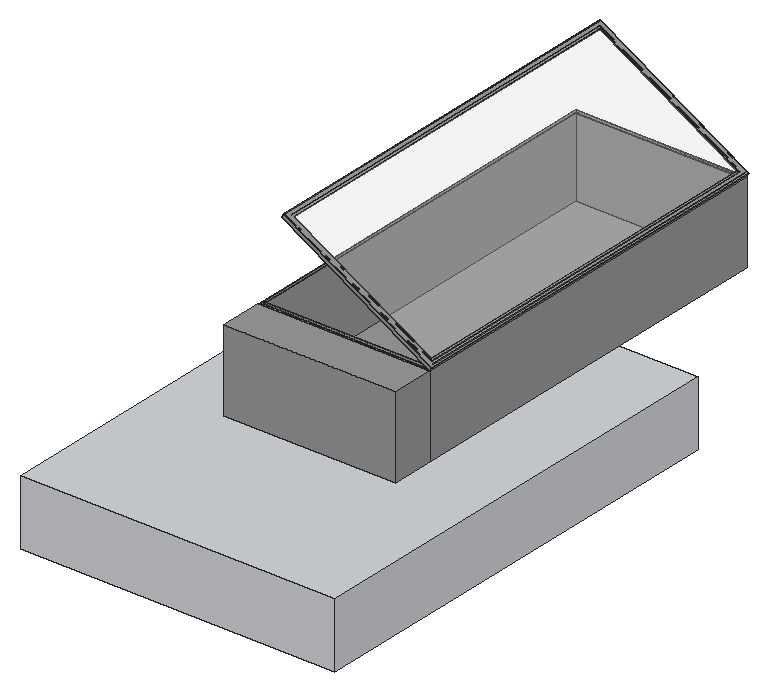
Revit family "Hager-Univers-IP55-D400-H2050-Cl.I-Steel_encl-CH-de", category Equipement électrique, Revit 2020
Family settings
  Hôte = Face
  Configuration du panneau = Deux colonnes, circuits au sein
  Cote de connecteur circulaire = Utiliser le diamètre
  Type d'élément = Tableau de raccordement
  Couper avec des vides une fois chargée = Non
  Partagée = Non
  Point de calcul de pièce = Non
Parameters (values of type "Bodenaufstellung IP55 B800 H2050 T400  - FR23V2")
  Width Control [instance] = if([EF000008 - Breite] > Min Width, [EF000008 - Breite], Min Width)  # 800 mm
  Commentaires du type = [HG000003 - Bereich]  # "Univers"
  Thickness Door [instance] = if([EF009171 - Materialstärke Tür/Deckel] > 3 mm, 3 mm, [EF009171 - Materialstärke Tür/Deckel])  # 1.5 mm
  Seal Frame Offset [instance] = 17 mm  # constant formula
  Plinth Visibility [instance] = [HG000027 - Sockelhöhe] > 0 mm  # yes
  Model = ""
  Min Width [instance] = 100 mm  # constant formula
  Min Height [instance] = 100 mm  # constant formula
  Min Depth [instance] = (2 * [EF009170 - Materialstärke Gehäuse]) + 1 mm  # 4 mm
  Internal Frame Depth [instance] = (Door System Depth * 0.5)  # 9 mm
  Height Control [instance] = if([EF000040 - Höhe] > Min Height, [EF000040 - Höhe], Min Height)  # 2050 mm
  HG000027 - Sockelhöhe = 200 mm
  HG000026 - Stehend auf dem Boden = yes
  HG000024 - Höhe des unteren Teils = 800 mm
  HG000023 - Gehäuse mit doppeltem Querschnitt = no
  HG000016 - 3D-Türsichtbarkeit [instance] = yes
  HG000015 - Sichtbarkeit der Türöffnung [instance] = no
  HG000014 - Tür rechts [instance] = yes
  HG000013 - Tür links [instance] = not([HG000014 - Tür rechts])  # no
  HG000012 - Türschwenkwinkel [instance] = 30.00°
  HG000010 - Asymmetrische Türen = no
  HG000009 - Doppelflügeligen Tür = no
  HG000006 - Unterputz = no
  HG000004 - Herstellerreferenz = "FR23V2"
  HG000003 - Bereich = "Univers"
  HG000002 - Mit tür = yes
  Frame Offset Bottom [instance] = 10 mm  # constant formula
  Frame Offset [instance] = 15 mm  # constant formula
  EF015940 - Deckel mit Überdruckentlastung = no
  EF011959 - Schutzart (NEMA) = ""
  EF009554 - Anzahl der Öffnungen für Flanschplatten = 6
  Fabricant = "Hager"  # constant formula
  EF009212 - Ausführung Deckel = "EV000116 - geschlossen"
  EF009171 - Materialstärke Tür/Deckel = 1.5 mm
  EF009170 - Materialstärke Gehäuse = 1.5 mm
  EF008873 - Nennstrom (In) = 800 A
  EF007800 - Geeignet für Blitzschutz = no
  EF006306 - Mit Schloss = no
  EF006244 - Transparenter Deckel/Tür = yes
  EF005474 - Schutzart (IP) = "EV006420 - IP55"
  EF004464 - Art der Tür = "EV002646 - Einzel"
  EF004427 - Anzahl der Module = 432
  EF004293 - Schlagfestigkeit = "EV008784 - IK10"
  EF003532 - Geeignet für Außengebrauch = no
  EF002950 - Breite in Teilungseinheiten = 24
  EF001613 - Funktionserhalt = "EV000494 - ohne"
  EF001596 - Werkstoff des Gehäuses = "EV000179 - Stahl"
  EF001131 - Innentiefe = 400 mm
  EF001088 - Anbaumöglichkeit = yes
  EF000437 - Anzahl der Leitungseinführungen = 6
  EF000339 - Art der Abdeckung = "EV004216 - Tür"
  EF000266 - Anzahl der Reihen = 12
  EF000218 - Einbautiefe = 0 mm
  EF000118 - Mit Montageplatte = no
  EF000116 - RAL-Nummer = "7035"
  EF000049 - Tiefe = 400 mm
  EF000040 - Höhe = 2050 mm
  EF000008 - Breite = 800 mm
  EF000007 - Farbe = "EV000270 - grau"
  EF000003 - Montageart = "EV012274 - Bodenaufstellung"
  Door System Leaf Tolerance [instance] = 1.5 mm  # constant formula
  Door System Depth [instance] = 18 mm  # constant formula
  Door Height [instance] = Height Control - [HG000027 - Sockelhöhe]  # 1850 mm
  Depth Control [instance] = if([EF000049 - Tiefe] > Min Depth, [EF000049 - Tiefe], Min Depth)  # 400 mm
  Default Elevation = 0 mm
  Connector Offset [instance] = Height Control / 2  # 1025 mm
  Bottom Top Plate Trim [instance] = 1.5 mm  # constant formula
  Plinth height Ctrl [instance] = if([HG000027 - Sockelhöhe] > 0 mm, [HG000027 - Sockelhöhe], 12 mm)  # 200 mm
Types (11, lengths in mm): name | Width Control | HG000010 - Asymmetrische Türen | HG000009 - Doppelflügeligen Tür | HG000004 - Herstellerreferenz | EF009554 - Anzahl der Öffnungen für Flanschplatten | EF006244 - Transparenter Deckel/Tür | EF004464 - Art der Tür | EF004427 - Anzahl der Module | EF000437 - Anzahl der Leitungseinführungen | EF000008 - Breite
  Bodenaufstellung IP55 B1050 H2050 T400  - FR24G2 | 1050 | yes | yes | "FR24G2" | 8 | no | "EV003602 - Doppel" | 576 | 8 | 1050
  Bodenaufstellung IP55 B1050 H2050 T400  - FR24V2 | 1050 | yes | yes | "FR24V2" | 8 | yes | "EV003602 - Doppel" | 576 | 8 | 1050
  Bodenaufstellung IP55 B1300 H2050 T400  - FR25G2 | 1300 | yes | yes | "FR25G2" | 10 | no | "EV003602 - Doppel" | 720 | 10 | 1300
  Bodenaufstellung IP55 B1300 H2050 T400  - FR25V2 | 1300 | yes | yes | "FR25V2" | 10 | yes | "EV003602 - Doppel" | 720 | 10 | 1300
  Bodenaufstellung IP55 B1550 H2050 T400  - FR26G2 | 1550 | yes | yes | "FR26G2" | 12 | no | "EV003602 - Doppel" | 864 | 12 | 1550
  Bodenaufstellung IP55 B1550 H2050 T400  - FR26V2 | 1550 | yes | yes | "FR26V2" | 12 | yes | "EV003602 - Doppel" | 864 | 12 | 1550
  Bodenaufstellung IP55 B300 H2050 T400  - FR21G2 | 300 | no | no | "FR21G2" | 2 | no | "EV002646 - Einzel" | 144 | 2 | 300
  Bodenaufstellung IP55 B550 H2050 T400  - FR22G2 | 550 | no | no | "FR22G2" | 4 | no | "EV002646 - Einzel" | 288 | 4 | 550
  Bodenaufstellung IP55 B550 H2050 T400  - FR22V2 | 550 | no | no | "FR22V2" | 4 | yes | "EV002646 - Einzel" | 288 | 4 | 550
  Bodenaufstellung IP55 B800 H2050 T400  - FR23G2 | 800 | no | no | "FR23G2" | 6 | no | "EV002646 - Einzel" | 432 | 6 | 800
  Bodenaufstellung IP55 B800 H2050 T400  - FR23V2 | 800 | no | no | "FR23V2" | 6 | yes | "EV002646 - Einzel" | 432 | 6 | 800
Reference planes
  plane 1 "Center (Front/Back)": y = 0
  plane 2: z = 0
  plane 3 "Center (Left/Right)": x = 0
  plane 4: z = 400
  plane 5: y = 201.5
  plane 6: y = 1125
  plane 7: y = 200
  plane 8: y = 2050
  plane 9: z = 0
  plane 10: x = -385
  plane 11: x = 385
  plane 12: x = 383.5
  plane 13: x = -383.5
  plane 14: y = 2048.5
  plane 15: x = -383
  plane 16: x = -400
  plane 17: x = 383
  plane 18: x = 400
  plane 19: x = 398.5
  plane 20: x = -398.5
  plane 21: y = 211.5
  plane 22: y = 2050
  plane 23: y = 2033.5
  plane 24: z = 382
  plane 25: z = 1.5
  plane 26: z = 380.5
  plane 27: z = 398.5
Forms (mm)
  Extrusion 1, solid
    sketch origin (0, 0, 0) x (1, 0, 0) y (0, 1, 0)
      loop
        line (-702.964, 1305) -> (-702.964, -811.445) -> (766.763, -811.445) -> (766.763, 1305) -> (-702.964, 1305)
    from 0 to -304.8
  Extrusion 2, solid, material "Hager_Steel_RAL7035_Light_Grey", visible <- "Plinth Visibility", detail levels medium+fine
    sketch origin (0, 0, 0) x (1, 0, 0) y (0, 1, 0)
      loop
        line (-400, 0) -> (400, 0) -> (400, 200) -> (-400, 200) -> (-400, 0)
    from 0 to 382
  Extrusion 3, solid, material "Hager_Steel_RAL7035_Light_Grey", detail levels medium+fine
    sketch origin (0, 0, 0) x (1, 0, 0) y (0, 1, 0)
      loop
        line (-400, 200) -> (400, 200) -> (400, 2050) -> (-400, 2050) -> (-400, 200)
    from 0 to 382
  Extrusion 4, void
    sketch origin (0, 0, 0) x (1, 0, 0) y (0, 1, 0)
      loop
        line (-398.5, 201.5) -> (398.5, 201.5) -> (398.5, 2048.5) -> (-398.5, 2048.5) -> (-398.5, 201.5)
    from 1.5 to 380.5
  Extrusion 5, void
    sketch origin (-381.607, -4572, 382) x (0, -1, 0) y (-1, 0, 0)
      loop
        line (-4783.5, 1.893) -> (-6605.5, 1.893) -> (-6605.5, -765.107) -> (-4783.5, -765.107) -> (-4783.5, 1.893)
    from 0 to 1.5 <- "EF009170 - Materialstärke Gehäuse"
  Extrusion 6, solid, material "Hager_Steel_RAL7035_Light_Grey", detail levels fine
    sketch origin (0, 0, 382) x (1, 0, 0) y (0, 1, 0)
      loop
        line (-383.5, 2033.5) -> (-383.5, 211.5) -> (383.5, 211.5) -> (383.5, 2033.5) -> (-383.5, 2033.5)
      loop
        line (-385, 210) -> (385, 210) -> (385, 2035) -> (-385, 2035) -> (-385, 210)
    from 0 to 9 <- "Internal Frame Depth"
  Extrusion 7, solid, material "Hager_Steel_RAL7035_Light_Grey", detail levels coarse
    sketch origin (0, 0, 0) x (1, 0, 0) y (0, 1, 0)
      loop
        line (-400, 0) -> (400, 0) -> (400, 2050) -> (-400, 2050) -> (-400, 0)
    from 0 to 400
  Sweep 8, void
    path in 3D
      loop
        line (-400, 200, 0) -> (400, 200, 0) -> (400, 200, 382) -> (-400, 200, 382) -> (-400, 200, 0)
    profile origin (-400, 200, 191) x (-1, 0, 0) y (0, -1, 0)
      loop
        line (0, 0) -> (0, 1.5) -> (-1.5, 1.5)
        arc (-1.5, 1.5) -> (-1.061, 0.439) -> (0, 0) r 1.5
Cuts and joins
  Extrusion 4, Extrusion 5 cuts Extrusion 3
  Sweep 8 cuts Extrusion 2
Lines and regions (mm)
  Masking region 1
    outline origin (0, 0, 0) x (1, 0, 0) y (0, 0, 1)
      loop
        line (-400, 400) -> (-400, 0) -> (400, 0) -> (400, 400) -> (-400, 400)
  Masking region 2, detail levels medium+fine
    outline origin (0, 140, 0) x (0, 1, 0) y (0, 0, 1)
      loop
        line (60, 0) -> (1910, 0) -> (1910, 382) -> (60, 382) -> (60, 0)
  Masking region 3, not visible, detail levels medium+fine
    outline origin (0, 297.922, 0) x (0, 1, 0) y (0, 0, 1)
      loop
        line (838.578, 0) -> (878.578, 0) -> (878.578, 388.5)
        arc (878.578, 388.5) -> (875.649, 395.571) -> (868.578, 398.5) r 10
        line (868.578, 398.5) -> (838.578, 398.5) -> (838.578, 0)
  Masking region 4, detail levels coarse
    outline origin (0, 0, 180) x (0, 1, 0) y (0, 0, 1)
      loop
        line (0, -180) -> (2050, -180) -> (2050, 220) -> (0, 220) -> (0, -180)
  Masking region 5, visible <- "Plinth Visibility", detail levels medium+fine
    outline origin (0, 52.24, 12.345) x (0, 0, -1) y (0, 1, 0)
      loop
        line (10.845, 147.76) -> (-368.155, 147.76)
        arc (-368.155, 147.76) -> (-368.594, 146.699) -> (-369.655, 146.26) r 1.5
        line (-369.655, 146.26) -> (-369.655, -52.24) -> (12.345, -52.24) -> (12.345, 146.26)
        arc (12.345, 146.26) -> (11.285, 146.699) -> (10.845, 147.76) r 1.5
  Masking region 6, detail levels medium+fine
    outline origin (-381.607, -4572, 382) x (-1, 0, 0) y (0, -1, 0)
      loop
        line (18.393, -6622) -> (18.393, -4772) -> (-781.607, -4772) -> (-781.607, -6622) -> (18.393, -6622)
  Masking region 7, visible <- "Plinth Visibility", detail levels medium+fine
    outline origin (-381.607, -4727, 382) x (-1, 0, 0) y (0, -1, 0)
      loop
        arc (16.893, -4927) -> (17.332, -4925.939) -> (18.393, -4925.5) r 1.5
        line (18.393, -4925.5) -> (18.393, -4727) -> (-781.607, -4727) -> (-781.607, -4925.5)
        arc (-781.607, -4925.5) -> (-780.546, -4925.939) -> (-780.107, -4927) r 1.5
        line (-780.107, -4927) -> (16.893, -4927)
  Masking region 8, detail levels coarse
    outline origin (-442.548, -4669.526, 382) x (-1, 0, 0) y (0, -1, 0)
      loop
        line (-42.548, -6719.526) -> (-42.548, -4669.526) -> (-842.548, -4669.526) -> (-842.548, -6719.526) -> (-42.548, -6719.526)
  sketch lines
    curve 1: line (-400, 200, 382) -> (-400, 200, 0)
    curve 2: line (400, 200, 382) -> (-400, 200, 382)
    curve 3: line (400, 200, 382) -> (400, 200, 0)
    curve 4: line (-400, 200, 0) -> (400, 200, 0)
Dimensions and locks
  "Depth Control": plane 4 to Extrusion 1
  "HG000027 - Sockelhöhe": plane 1 "Center (Front/Back)" to plane 7
  "EF009170 - Materialstärke Gehäuse": plane 5 to plane 7
  locked: connector elem to plane 3 "Center (Left/Right)"
  equal spacing: plane 8, plane 6, plane 7
  locked: connector elem to plane 6
  "EF009170 - Materialstärke Gehäuse": plane 8 to plane 14
  "EF009170 - Materialstärke Gehäuse": plane 10 to plane 13
  "EF009170 - Materialstärke Gehäuse": plane 12 to plane 11
  "Frame Offset": plane 20 to plane 13
  "Frame Offset": plane 12 to plane 19
  "EF009170 - Materialstärke Gehäuse": plane 16 to plane 20
  "EF009170 - Materialstärke Gehäuse": plane 19 to plane 18
  "Seal Frame Offset": plane 16 to plane 15
  "Seal Frame Offset": plane 17 to plane 18
  "Frame Offset Bottom": plane 21 to plane 5
  "Frame Offset": plane 14 to plane 23
  equal spacing: plane 16, plane 3 "Center (Left/Right)", plane 18
  "Width Control": plane 16 to plane 18
  "EF009170 - Materialstärke Gehäuse": plane 4 to plane 27
  "EF009170 - Materialstärke Gehäuse": plane 24 to plane 26
  "EF009170 - Materialstärke Gehäuse": plane 25 to level
  "Door System Depth": plane 4 to plane 24
  "Height Control": plane 1 "Center (Front/Back)" to Extrusion 7 sketch curve
  "Height Control": Masking region 4 sketch curve to plane 1 "Center (Front/Back)"
  "Height Control": plane 1 "Center (Front/Back)" to plane 22
  "Bottom Top Plate Trim": profile plane to Sweep 8 sketch curve
  "Bottom Top Plate Trim": Sweep 8 sketch curve to profile plane
  "Plinth height Ctrl": plane 1 "Center (Front/Back)" to Extrusion 2 sketch curve
  "Plinth height Ctrl": Masking region 5 sketch curve to plane 1 "Center (Front/Back)"
  "Plinth height Ctrl": plane 1 "Center (Front/Back)" to Masking region 7 sketch curve
  "Thickness Door": Extrusion 6 sketch curve to Extrusion 6 sketch curve  (x3)
  "Thickness Door": cut or joined group of Extrusion 3, Extrusion 4, Extrusion 5 to Extrusion 6 sketch curve
  radius of Masking region 3 sketch curve = 10 mm
  "Bottom Top Plate Trim": radius of Masking region 5 sketch curve  (x2)
  "Bottom Top Plate Trim": radius of Sweep 8 sketch curve
  "Bottom Top Plate Trim": radius of Masking region 7 sketch curve  (x2)
  aligned and locked: plane 2 to Extrusion 1
  aligned and locked: level to Extrusion 1
  aligned and locked: level to Masking region 1 sketch curve
  aligned and locked: Masking region 1 sketch curve to plane 18
  aligned and locked: Masking region 1 sketch curve to plane 16
  aligned and locked: plane 7 to Masking region 2 sketch curve
  aligned and locked: level to Masking region 3 sketch curve
  aligned and locked: Masking region 3 sketch curve to plane 27
  aligned and locked: level to Masking region 2 sketch curve
  aligned and locked: plane 1 "Center (Front/Back)" to Extrusion 2 sketch curve
  aligned and locked: Extrusion 3 sketch curve to plane 7
  aligned and locked: plane 16 to Extrusion 3 sketch curve
  aligned and locked: plane 18 to Extrusion 3 sketch curve
  aligned and locked: plane 20 to Extrusion 4 sketch curve
  aligned and locked: plane 19 to Extrusion 4 sketch curve
  aligned and locked: Extrusion 4 sketch curve to plane 5
  aligned and locked: Extrusion 4 to plane 25
  aligned and locked: plane 26 to Extrusion 4
  aligned and locked: plane 24 to Extrusion 3
  aligned and locked: Extrusion 5 sketch curve to plane 21
  aligned and locked: Extrusion 5 sketch curve to plane 13
  aligned and locked: Extrusion 5 sketch curve to plane 12
  aligned and locked: plane 18 to Extrusion 7 sketch curve
  aligned and locked: plane 1 "Center (Front/Back)" to Extrusion 7 sketch curve
  aligned and locked: plane 16 to Extrusion 7 sketch curve
  aligned and locked: plane 4 to Extrusion 7
  aligned and locked: Extrusion 7 to level
  aligned and locked: level to Masking region 4 sketch curve
  aligned and locked: Masking region 4 sketch curve to plane 1 "Center (Front/Back)"
  aligned and locked: Masking region 4 sketch curve to plane 4
  aligned and locked: nested 1 to level
  aligned and locked: nested 1 to plane 16
  aligned and locked: plane 8 to Extrusion 3 sketch curve
  aligned and locked: plane 23 to Extrusion 5 sketch curve
  aligned and locked: plane 14 to Extrusion 4 sketch curve
  aligned and locked: Masking region 2 sketch curve to plane 8
  aligned and locked: level to Masking region 5 sketch curve
  aligned and locked: plane 16 to Extrusion 2 sketch curve
  aligned and locked: plane 18 to Extrusion 2 sketch curve
  aligned and locked: Masking region 5 sketch curve to plane 24
  aligned and locked: Masking region 2 sketch curve to plane 24
  aligned and locked: plane 24 to Extrusion 2
  aligned and locked: profile plane to Sweep 8 sketch curve  (x2)
  aligned and locked: Masking region 6 sketch curve to plane 18
  aligned and locked: Masking region 6 sketch curve to plane 22
  aligned and locked: Masking region 6 sketch curve to plane 16
  aligned and locked: plane 8 to plane 22
  aligned and locked: Masking region 6 sketch curve to plane 7
  aligned and locked: Masking region 7 sketch curve to plane 16
  aligned and locked: Masking region 7 sketch curve to plane 1 "Center (Front/Back)"
  aligned and locked: Masking region 7 sketch curve to plane 18
  aligned and locked: Masking region 8 sketch curve to plane 1 "Center (Front/Back)"
  aligned and locked: Masking region 8 sketch curve to plane 18
  aligned and locked: Masking region 8 sketch curve to plane 22
  aligned and locked: Masking region 8 sketch curve to plane 16
  aligned and locked: nested 2 to plane 7
  aligned and locked: plane 3 "Center (Left/Right)" to nested 2
  aligned and locked: nested 2 to plane 24
  aligned and locked: Extrusion 6 sketch curve to cut or joined group of Extrusion 3, Extrusion 4, Extrusion 5  (x4)
Automatic sketch dimensions
  Extrusion 1 sketch curve to Extrusion 1 sketch curve = 1469.727 mm
  Extrusion 1 sketch curve to Extrusion 1 sketch curve = 2116.445 mm
  Masking region 1 sketch curve to plane 4 = 0 mm
  plane 6 to Masking region 3 sketch curve = 11.5 mm
  Masking region 3 sketch curve to Masking region 3 sketch curve = 30 mm
  Masking region 5 sketch curve to plane 1 "Center (Front/Back)" = 0 mm
Nested families
  nested 1: "Hager_Enclosure_Symbol" at (-400, 0, 0) x (1, 0, 0) z (0, -1, 0), Height <- "Depth Control", Width <- "Width Control", type "Hager_Enclosure_Symbol"
    with Width_Ctrl 800 mm, Width 800 mm, Height_Ctrl 400 mm, Height 400 mm, A_Width_Int 26.25 mm, A_Width 315 mm, A_Height_Ctrl 350 mm, A_Height 350 mm
  nested 2: "EC000058_Univers_Door" at (0, 200, 382) x (1, 0, 0) z (0, 1, 0), Leaf_Tolerance <- "Door System Leaf Tolerance", Angle <- "HG000012 - Türschwenkwinkel", Door_Depth <- "Door System Depth", Door_Left <- "HG000013 - Tür links", Transparent <- "EF006244 - Transparenter Deckel/Tür", Assymetrical <- "HG000010 - Asymmetrische Türen", Width <- "Width Control", Clearance <- "HG000015 - Sichtbarkeit der Türöffnung", Double <- "HG000009 - Doppelflügeligen Tür", 3d_Door <- "HG000016 - 3D-Türsichtbarkeit", Lock_Visibility <- "EF006306 - Mit Schloss", Width_Ctrl <- "Width Control", Door_Right <- "HG000014 - Tür rechts", Door <- "HG000002 - Mit tür", Height <- "Door Height", Thickness <- "Thickness Door", type "EC000058_Univers_Door", detail levels medium+fine
    with min_wh 4 mm, Width_Ctrl 800 mm, Width 800 mm, Transparent yes, Thickness 1.5 mm, Seal_Material Hager_Rubber, Lock_Visibility no, Lock_Material Hager_Plastic_RAL9005_Jet_Black, Leaf_Width 800 mm, Leaf_Tolerance_External_Sides 0 mm, Leaf_Tolerance 1.5 mm, Leaf_Offset 0 mm, Leaf_Height 1847 mm, Leaf_2_Width 800 mm, Leaf_2_Offset 400 mm, Leaf_1_Width 800 mm, Leaf_1_Offset 400 mm, Height_Ctrl 1850 mm, Height 1850 mm, Glass_Material Hager_Glass, Double_Clearance_Ctrl no, Double no, Door_Right_Ctrl yes, Door_Right yes, Door_Material Hager_Steel_RAL7035_Light_Grey, Door_Left_Ctrl no, Door_Left no, Door_Depth 18 mm, Door yes, Clearance_Material Hager_Clearance, Clearance_Depth 800 mm, Clearance_Ctrl no, Clearance no, Assymetrical no, Angle 30.00°, 3d_Door yes
Connectors
  electrical at (0, 1125, 0)
    settings: on plane 9, index 1, voltage 0 V, apparent load 0 VA, apparent load phase1 0 VA, apparent load phase2 0 VA, apparent load phase3 0 VA, power factor 1, load classification "Other", number of poles 1, system type 30, power factor state 1, is connector primary yes, connector utility no, sub classification motor no, connector description ""
Definition of nested family "EC000058_Univers_Door"
  Parameters (values of type "EC000058_Univers_Door")
    min_wh [instance] = (2 * Thickness) + 1 mm  # 11 mm
    Width_Ctrl [instance] = 400 mm
    Width [instance] = 500 mm
    Transparent [instance] = yes
    Thickness [instance] = 5 mm
    Seal_Material [instance] = none
    Lock_Visibility [instance] = yes
    Lock_Material [instance] = none
    Leaf_Width [instance] = if((Width_Ctrl - 2 * Leaf_Tolerance_External_Sides) > 0 mm, (Width_Ctrl - 2 * Leaf_Tolerance_External_Sides), min_wh)  # 400 mm
    Leaf_Tolerance_External_Sides [instance] = 0 mm  # constant formula
    Leaf_Tolerance [instance] = 1.5 mm
    Leaf_Offset [instance] = 0 mm  # constant formula
    Leaf_Height [instance] = if((Height_Ctrl - 2 * Leaf_Tolerance) > 0 mm, (Height_Ctrl - 2 * Leaf_Tolerance), min_wh)  # 497 mm
    Leaf_2_Width [instance] = if(and(and(Double, Assymetrical), Door_Left), (Leaf_Width / 3) - (Leaf_Tolerance / 2), if(and(and(Double, Assymetrical), Door_Right), (Leaf_Width / 3) * 2 - (Leaf_Tolerance / 2), if(and(Double, not(Assymetrical)), (Leaf_Width / 2) - Leaf_Tolerance, Leaf_Width)))  # 400 mm
    Leaf_2_Offset [instance] = if(and(Double, Assymetrical), Leaf_2_Width / 2, if(and(Double, not(Assymetrical)), Leaf_Width / 4, Leaf_Width / 2))  # 200 mm
    Leaf_1_Width [instance] = if(and(and(Double, Assymetrical), Door_Right), (Leaf_Width / 3) - (Leaf_Tolerance / 2), if(and(and(Double, Assymetrical), Door_Left), (Width / 3) * 2 - (Leaf_Tolerance / 2), if(and(Double, not(Assymetrical)), (Leaf_Width / 2) - Leaf_Tolerance, Leaf_Width)))  # 400 mm
    Leaf_1_Offset [instance] = if(and(Double, Assymetrical), Leaf_1_Width / 2, if(and(Double, not(Assymetrical)), Leaf_Width / 4, Leaf_Width / 2))  # 200 mm
    Height_Ctrl [instance] = if(Height > min_wh, Height, min_wh)  # 500 mm
    Height [instance] = 500 mm
    Glass_Material [instance] = none
    Double_Clearance_Ctrl [instance] = and(Double, Clearance)  # no
    Double [instance] = no
    Door_Right_Ctrl [instance] = and(or(Door_Right, Double), Door)  # yes
    Door_Right [instance] = yes
    Door_Material [instance] = none
    Door_Left_Ctrl [instance] = and(or(Door_Left, Double), Door)  # no
    Door_Left [instance] = no
    Door_Depth [instance] = 30 mm
    Door [instance] = yes
    Default Elevation = 1219.2 mm
    Clearance_Material [instance] = none
    Clearance_Depth [instance] = if(Leaf_1_Width > Leaf_2_Width, Leaf_1_Width, Leaf_2_Width)  # 400 mm
    Clearance_Ctrl [instance] = and(not(Double), Clearance)  # yes
    Clearance [instance] = yes
    Assymetrical [instance] = yes
    Angle [instance] = 30.00°
    3d_Door [instance] = yes
  Reference planes
    plane 1 "Center (Front/Back)": y = 0
    plane 2 "Bottom": z = 0
    plane 3 "Center (Left/Right)": x = 0
    plane 4: z = 500
    plane 5: x = -200
    plane 6: x = 200
    plane 7: z = 500
    plane 8: x = -200
    plane 9: z = 0
    plane 10: x = 200
    plane 11: y = 0
    plane 12: z = 1.5
    plane 13: x = -600
    plane 14: y = -400
    plane 15: x = 600
    plane 16: x = 0
    plane 17: x = 0
    plane 18: x = -200
    plane 19: x = 200
    plane 20: z = 498.5
  Forms (mm)
    Extrusion 1, solid, material <- "Clearance_Material", visible <- "Double_Clearance_Ctrl"
      sketch origin (1200, 0, 0) x (1, 0, 0) y (0, 0, -1)
        loop
          line (-1800, -498.5) -> (-600, -498.5) -> (-600, 0) -> (-1800, 0) -> (-1800, -498.5)
      from 0 to -400
  Dimensions and locks
    equal spacing: plane 5, plane 3 "Center (Left/Right)", plane 6
    "Width_Ctrl": plane 5 to plane 6
    "Leaf_Offset": plane 5 to plane 8
    "Leaf_Offset": plane 6 to plane 10
    "Leaf_Offset": plane 9 to level
    "Leaf_Offset": plane 4 to plane 7
    "Height_Ctrl": plane 4 to level
    "Leaf_Tolerance": plane 12 to plane 9
    locked: plane 11 to plane 1 "Center (Front/Back)"
    "Leaf_1_Offset": plane 18 to plane 16
    "Leaf_2_Offset": plane 17 to plane 19
    "Leaf_1_Width": plane 13 to plane 8
    "Leaf_2_Width": plane 10 to plane 15
    "Clearance_Depth": plane 14 to plane 1 "Center (Front/Back)"
    "Leaf_Tolerance_External_Sides": plane 8 to plane 18
    "Leaf_Tolerance_External_Sides": plane 19 to plane 10
    "Leaf_Tolerance": plane 7 to plane 20
    aligned and locked: level to plane 2 "Bottom"
    aligned and locked: nested 1 to plane 16
    aligned and locked: nested 2 to plane 17
    aligned and locked: Extrusion 1 to plane 13
    aligned and locked: plane 15 to Extrusion 1
    aligned and locked: Extrusion 1 to plane 14
    aligned and locked: plane 12 to nested 1
    aligned and locked: nested 2 to plane 12
    aligned and locked: Extrusion 1 to plane 11
    aligned and locked: plane 20 to Extrusion 1
    aligned and locked: nested 2 to plane 11
    aligned and locked: nested 1 to plane 11
  Automatic sketch dimensions
    Extrusion 1 sketch curve to level = 0 mm
    plane 5 to Extrusion 1 sketch curve = 400 mm
    plane 6 to Extrusion 1 sketch curve = 400 mm
    Extrusion 1 sketch curve to plane 4 = 1.5 mm
  Nested families
    nested 1: "EC000058_Univers_Door_Leaf" at (0, 0, 1.5), Width <- "Leaf_1_Width", visible <- "Door_Left_Ctrl", Leaf_Height <- "Leaf_Height", Angle <- "Angle", 3d_Door <- "3d_Door", Transparent <- "Transparent", Clearance Material <- "Clearance_Material", Clearance <- "Clearance_Ctrl", Door_Material <- "Door_Material", Glass_Material <- "Glass_Material", Door_Depth <- "Door_Depth", Lock_Material <- "Lock_Material", Seal_Material <- "Seal_Material", Lock_Visibility <- "Lock_Visibility", Thickness <- "Thickness", type "EC000058_Univers_Door_Leaf"
      with Width 400 mm, Transparent_Glass_Offset 30 mm, Transparent_Ctrl yes, Transparent yes, Thickness 5 mm, Standard no, Seal_Material none, Seal_D2 8 mm, Seal_D1 1 mm, Offset_Internal_Frame 10 mm, Lock_Width 20 mm, Lock_Visibility_3d yes, Lock_Visibility yes, Lock_Thickness_3 3 mm, Lock_Thickness_2 1 mm, Lock_Thickness_1 3 mm, Lock_Radius_Offset_2 16 mm, Lock_Radius_Offset_1 15 mm, Lock_Radius_2 5 mm, Lock_Radius 6 mm, Lock_Offset 5 mm, Lock_Material none, Lock_Height 80 mm, Lock_Cover_Top_Offset_2d 17 mm, Lock_Cover_Height -65 mm, Leaf_Height 497 mm, Internal_Seal_Thickness 8 mm, Internal_Seal_Depth_2 4.5 mm, Internal_Frame_Depth 25 mm, Glass_Thickness -1 mm, Glass_Offset -2 mm, Glass_Material none, Door_Material none, Door_Depth 30 mm, Clearance Material none, Clearance yes, Angle_Ctrl 30.00°, Angle 30.00°, 3d_Door yes
    nested 2: "EC000058_Univers_Door_Leaf" at (0, 0, 1.5) x (-1, 0, 0) z (0, 0, 1), Width <- "Leaf_2_Width", visible <- "Door_Right_Ctrl", Leaf_Height <- "Leaf_Height", Angle <- "Angle", 3d_Door <- "3d_Door", Transparent <- "Transparent", Clearance Material <- "Clearance_Material", Clearance <- "Clearance_Ctrl", Door_Material <- "Door_Material", Glass_Material <- "Glass_Material", Door_Depth <- "Door_Depth", Lock_Material <- "Lock_Material", Seal_Material <- "Seal_Material", Lock_Visibility <- "Lock_Visibility", Thickness <- "Thickness", type "EC000058_Univers_Door_Leaf"
      with Width 400 mm, Transparent_Glass_Offset 30 mm, Transparent_Ctrl yes, Transparent yes, Thickness 5 mm, Standard no, Seal_Material none, Seal_D2 8 mm, Seal_D1 1 mm, Offset_Internal_Frame 10 mm, Lock_Width 20 mm, Lock_Visibility_3d yes, Lock_Visibility yes, Lock_Thickness_3 3 mm, Lock_Thickness_2 1 mm, Lock_Thickness_1 3 mm, Lock_Radius_Offset_2 16 mm, Lock_Radius_Offset_1 15 mm, Lock_Radius_2 5 mm, Lock_Radius 6 mm, Lock_Offset 5 mm, Lock_Material none, Lock_Height 80 mm, Lock_Cover_Top_Offset_2d 17 mm, Lock_Cover_Height -65 mm, Leaf_Height 497 mm, Internal_Seal_Thickness 8 mm, Internal_Seal_Depth_2 4.5 mm, Internal_Frame_Depth 25 mm, Glass_Thickness -1 mm, Glass_Offset -2 mm, Glass_Material none, Door_Material none, Door_Depth 30 mm, Clearance Material none, Clearance yes, Angle_Ctrl 30.00°, Angle 30.00°, 3d_Door yes
  Definition of nested family "EC000058_Univers_Door_Leaf"
    Parameters (values of type "EC000058_Univers_Door_Leaf")
      Width [instance] = 2000 mm
      Transparent_Glass_Offset [instance] = 30 mm
      Transparent_Ctrl [instance] = and(Transparent, [3d_Door])  # yes
      Transparent [instance] = yes
      Thickness [instance] = 5 mm
      Standard [instance] = and(not(Transparent), [3d_Door])  # no
      Seal_Material [instance] = none
      Seal_D2 [instance] = 8 mm  # constant formula
      Seal_D1 [instance] = 1 mm  # constant formula
      Offset_Internal_Frame [instance] = 10 mm  # constant formula
      Lock_Width [instance] = 20 mm  # constant formula
      Lock_Visibility_3d [instance] = and(Lock_Visibility, [3d_Door])  # yes
      Lock_Visibility [instance] = yes
      Lock_Thickness_3 [instance] = 3 mm  # constant formula
      Lock_Thickness_2 [instance] = 1 mm  # constant formula
      Lock_Thickness_1 [instance] = 3 mm  # constant formula
      Lock_Radius_Offset_2 [instance] = Lock_Radius_Offset_1 + 1 mm  # 16 mm
      Lock_Radius_Offset_1 [instance] = 15 mm  # constant formula
      Lock_Radius_2 [instance] = Lock_Radius - 1 mm  # 5 mm
      Lock_Radius [instance] = 6 mm  # constant formula
      Lock_Offset [instance] = 5 mm  # constant formula
      Lock_Material [instance] = none
      Lock_Height [instance] = 80 mm  # constant formula
      Lock_Cover_Top_Offset_2d [instance] = Lock_Radius_Offset_2 + 1 mm  # 17 mm
      Lock_Cover_Height [instance] = -(Lock_Height - Lock_Radius_Offset_1)  # -65 mm
      Leaf_Height [instance] = 2720.336 mm
      Internal_Seal_Thickness [instance] = 8 mm  # constant formula
      Internal_Seal_Depth_2 [instance] = 4.5 mm  # constant formula
      Internal_Frame_Depth [instance] = if(Door_Depth - Thickness > 5 mm, Door_Depth - Thickness, 5 mm)  # 25 mm
      Glass_Thickness [instance] = if(Thickness > 15 mm, Glass_Offset + 10 mm, -1 mm)  # -1 mm
      Glass_Offset [instance] = if(Thickness > 15 mm, -(Thickness + 10 mm) / 2, -2 mm)  # -2 mm
      Glass_Material [instance] = none
      Door_Material [instance] = none
      Door_Depth [instance] = 30 mm
      Default Elevation = 0 mm
      Clearance Material [instance] = none
      Clearance [instance] = yes
      Angle_Ctrl [instance] = if(Angle > 180.00°, 180.00°, Angle)  # 90.00°
      Angle [instance] = 90.00°
      3d_Door [instance] = yes
    Reference planes
      plane 1 "Center (Front/Back)": y = 0
      plane 2: z = 0
      plane 3 "Center (Left/Right)": x = 0
      plane 4: y = 2000
      plane 5: x = -1000
      plane 6: x = 1000
      plane 7: x = -3000
      plane 8: z = 2720.336
      plane 9: z = 30
      plane 10: z = 2690.336
      plane 11: x = 970
      plane 12: x = -970
      plane 13: y = -3
      plane 14: z = 107.833
      plane 15: y = -5
      plane 16: y = -223.314
      plane 17: x = -1000
      plane 18: z = 1360.168
      plane 19: y = 30
    Forms (mm)
      Extrusion 1, solid, material <- "Clearance Material", visible <- "Clearance"
        sketch origin (0, 0, 0) x (1, 0, 0) y (0, 0, 1)
          loop
            line (-3000, 2720.336) -> (-3000, 0) -> (1000, 0) -> (1000, 2720.336) -> (-3000, 2720.336)
        from 0 to -2000
      Extrusion 2, solid, material <- "Door_Material", visible <- "Standard", detail levels medium+fine
        sketch origin (-1000, 0, 0) x (0, 1, 0) y (-1, 0, 0)
          loop
            line (0, 30) -> (0, 25) -> (2000, 25) -> (2000, 30) -> (0, 30)
        from 0 to 2720.336 <- "Leaf_Height"
      Extrusion 3, solid, material <- "Door_Material", visible <- "Transparent_Ctrl", detail levels medium+fine
        sketch origin (-1000, 0, 0) x (0, 1, 0) y (-1, 0, 0)
          loop
            line (0, 25) -> (2000, 25) -> (2000, 30) -> (0, 30) -> (0, 25)
        from 0 to 2720.336 <- "Leaf_Height"
      Extrusion 4, void
        sketch origin (-1025, 2000, 0) x (0, 1, 0) y (0, 0, -1)
          loop
            line (-30, -2690.336) -> (-30, -30) -> (-1970, -30) -> (-1970, -2690.336) -> (-30, -2690.336)
        from 0 to 5 <- "Thickness"
      Sweep 5, solid, material <- "Seal_Material", visible <- "Transparent_Ctrl", detail levels fine
        path in 3D
          loop
            line (-1025, 30, 30) -> (-1025, 30, 2690.336) -> (-1025, 1970, 2690.336) -> (-1025, 1970, 30) -> (-1025, 30, 30)
        profile origin (-1025, 1000, 30) x (1, 0, 0) y (0, 0, 1)
          loop
            line (0, 0) -> (0, -8) -> (1, -8) -> (1, 0) -> (0, 0)
      Extrusion 6, solid, material <- "Glass_Material", visible <- "Transparent_Ctrl", detail levels medium+fine
        sketch origin (-1030, 0, 0) x (0, 1, 0) y (0, 0, -1)
          loop
            line (1970, -2690.336) -> (1970, -30) -> (30, -30) -> (30, -2690.336) -> (1970, -2690.336)
        from -2 <- "Glass_Offset" to -1 <- "Glass_Thickness"
      Extrusion 7, solid, material <- "Door_Material", visible <- "3d_Door", detail levels medium+fine
        sketch origin (-1025, 2000, 0) x (0, -1, 0) y (0, 0, -1)
          loop
            line (0, -2720.336) -> (2000, -2720.336) -> (2000, 0) -> (0, 0) -> (0, -2720.336)
          loop
            line (1995, -5) -> (5, -5) -> (5, -2715.336) -> (1995, -2715.336) -> (1995, -5)
        from 0 to 25 <- "Internal_Frame_Depth"
      Sweep 8, solid, material <- "Seal_Material", visible <- "Transparent_Ctrl", detail levels fine
        path in 3D
          loop
            line (-1025, 0, 0) -> (-1025, 2000, 0) -> (-1025, 2000, 2720.336) -> (-1025, 0, 2720.336) -> (-1025, 0, 0)
        profile origin (-1025, 0, 1360.168) x (1, 0, 0) y (0, 1, 0)
          loop
            line (0, 10) -> (2.975, 10)
            arc (2.975, 10) -> (4.053, 10.447) -> (4.5, 11.525) r 1.525
            line (4.5, 11.525) -> (4.5, 16.527)
            arc (4.5, 16.527) -> (4.069, 17.569) -> (3.027, 18) r 1.473
            line (3.027, 18) -> (0, 18) -> (0, 10)
      Extrusion 9, solid, material <- "Lock_Material", visible <- "Lock_Visibility_3d", detail levels fine
        sketch origin (-1030, 0, 0) x (0, 1, 0) y (0, 0, -1)
          loop
            arc (1993.5, -1400.168) -> (1994.561, -1399.729) -> (1995, -1398.668) r 1.5
            line (1995, -1398.668) -> (1995, -1320.168) -> (1975, -1320.168) -> (1975, -1398.668)
            arc (1975, -1398.668) -> (1975.439, -1399.729) -> (1976.5, -1400.168) r 1.5
            line (1976.5, -1400.168) -> (1993.5, -1400.168)
        from 3 <- "Lock_Thickness_1" to 0
      Blend 10, solid, material <- "Lock_Material", visible <- "Lock_Visibility_3d", detail levels fine
        base sketch origin (-1033, 0, 0) x (0, 1, 0) y (0, 0, -1)
          loop
            line (1975, -1320.168) -> (1975, -1398.668)
            arc (1975, -1398.668) -> (1975.439, -1399.729) -> (1976.5, -1400.168) r 1.5
            line (1976.5, -1400.168) -> (1993.5, -1400.168)
            arc (1993.5, -1400.168) -> (1994.561, -1399.729) -> (1995, -1398.668) r 1.5
            line (1995, -1398.668) -> (1995, -1320.168) -> (1975, -1320.168)
        top sketch origin (-1033, 0, 0) x (0, 1, 0) y (0, 0, -1)
          loop
            line (1976, -1320.168) -> (1976, -1398.668)
            arc (1976, -1398.668) -> (1976.146, -1399.022) -> (1976.5, -1399.168) r 0.5
            line (1976.5, -1399.168) -> (1993.5, -1399.168)
            arc (1993.5, -1399.168) -> (1993.854, -1399.022) -> (1994, -1398.668) r 0.5
            line (1994, -1398.668) -> (1994, -1320.168) -> (1976, -1320.168)
        from 0 to 1 <- "Lock_Thickness_2"
      Blend 11, solid, material <- "Lock_Material", visible <- "Lock_Visibility_3d", detail levels fine
        base sketch origin (-1034, 0, 0) x (0, 1, 0) y (0, 0, -1)
          loop
            line (1978, -1320.168) -> (1978, -1384.168)
            arc (1978, -1384.168) -> (1985, -1391.168) -> (1992, -1384.168) r 7
            line (1992, -1384.168) -> (1992, -1320.168) -> (1978, -1320.168)
        top sketch origin (-1034, 0, 0) x (0, 1, 0) y (0, 0, -1)
          loop
            line (1991, -1320.168) -> (1979, -1320.168) -> (1979, -1383.168)
            arc (1979, -1383.168) -> (1985, -1389.168) -> (1991, -1383.168) r 6
            line (1991, -1383.168) -> (1991, -1320.168)
        from 0 to 3 <- "Lock_Thickness_3"
      Extrusion 12, solid, material <- "Lock_Material", visible <- "Lock_Visibility_3d", detail levels fine
        sketch origin (-1030, 1975, 1320.168) x (1, 0, 0) y (0, -1, 0)
          loop
            line (-7, -19) -> (-7, -1) -> (0, -1) -> (0, 0) -> (-8, 0) -> (-8, -20) -> (0, -20) -> (0, -19) -> (-7, -19)
        from 0 to -65 <- "Lock_Cover_Height"
      Extrusion 13, void
        sketch origin (-1038, 1995, 1320.168) x (-1, 0, 0) y (0, 0, -1)
          loop
            line (-5, -65) -> (0, -65) -> (-5, -60) -> (-5, -65)
        from 0 to 20 <- "Lock_Width"
      Extrusion 14, void
        sketch origin (-1038, 1975, 1320.168) x (0, -1, 0) y (0, 0, -1)
          loop
            circle (-10, -15.995) r 6
          loop
            circle (-10, -15.995) r 5
        from 0 to 2
      Extrusion 15, solid, material <- "Lock_Material", visible <- "Lock_Visibility_3d", detail levels medium
        sketch origin (-1030, 0, 0) x (0, 1, 0) y (0, 0, -1)
          loop
            arc (1993.5, -1400.168) -> (1994.561, -1399.729) -> (1995, -1398.668) r 1.5
            line (1995, -1398.668) -> (1995, -1320.168) -> (1975, -1320.168) -> (1975, -1398.668)
            arc (1975, -1398.668) -> (1975.439, -1399.729) -> (1976.5, -1400.168) r 1.5
            line (1976.5, -1400.168) -> (1993.5, -1400.168)
        from 8 to 0
    Cuts and joins
      Extrusion 4 cuts Extrusion 3
      Extrusion 13, Extrusion 14 cuts Extrusion 9
      Extrusion 14 cuts Blend 11
      Extrusion 13, Extrusion 14 cuts Extrusion 12
      joined: Extrusion 9, Blend 10, Blend 11, Extrusion 12
      Extrusion 14 cuts Extrusion 15
    Lines and regions (mm)
      Masking region 1, visible <- "Lock_Visibility", detail levels fine
        outline origin (0, 0, 0) x (0, 1, 0) y (0, 0, 1)
          loop
            line (30, 1320.168) -> (33, 1320.168) -> (33, 1400.168) -> (30, 1400.168) -> (30, 1320.168)
      Masking region 2, visible <- "Lock_Visibility", detail levels fine
        outline origin (0, 3.143, 0) x (0, 1, 0) y (0, 0, 1)
          loop
            line (29.857, 1354.168) -> (30.857, 1354.168) -> (30.857, 1366.168) -> (29.857, 1366.168) -> (29.857, 1354.168)
      Masking region 3, detail levels medium+fine
        outline origin (0, 0, 0) x (0, 1, 0) y (0, 0, 1)
          loop
            line (0, 0) -> (30, 0) -> (30, 2720.336) -> (0, 2720.336) -> (0, 0)
      Masking region 4, detail levels medium+fine
        outline origin (0, 0, 0) x (1, 0, 0) y (0, 0, 1)
          loop
            line (-1000, 2720.336) -> (-1000, 0) -> (1000, 0) -> (1000, 2720.336) -> (-1000, 2720.336)
      Masking region 5, visible <- "Lock_Visibility", detail levels fine
        outline origin (-47.116, 0, 0) x (1, 0, 0) y (0, 0, 1)
          loop
            arc (1024.616, 1399.168) -> (1023.556, 1398.729) -> (1023.116, 1397.668) r 1.5
            line (1023.116, 1397.668) -> (1023.116, 1320.168) -> (1041.116, 1320.168) -> (1041.116, 1397.668)
            arc (1041.116, 1397.668) -> (1040.677, 1398.729) -> (1039.616, 1399.168) r 1.5
            line (1039.616, 1399.168) -> (1024.616, 1399.168)
      Masking region 6, visible <- "Lock_Visibility", detail levels medium+fine
        outline origin (-25, 0, 0) x (1, 0, 0) y (0, 0, 1)
          loop
            arc (1001.5, 1400.168) -> (1000.439, 1399.729) -> (1000, 1398.668) r 1.5
            line (1000, 1398.668) -> (1000, 1320.168) -> (1020, 1320.168) -> (1020, 1398.668)
            arc (1020, 1398.668) -> (1019.561, 1399.729) -> (1018.5, 1400.168) r 1.5
            line (1018.5, 1400.168) -> (1001.5, 1400.168)
      Masking region 7, visible <- "Lock_Visibility", detail levels fine
        outline origin (-73.735, 0, 0) x (1, 0, 0) y (0, 0, 1)
          loop
            line (1051.735, 1382.168) -> (1065.735, 1382.168) -> (1065.735, 1384.168)
            arc (1065.735, 1384.168) -> (1058.735, 1391.168) -> (1051.735, 1384.168) r 7
            line (1051.735, 1384.168) -> (1051.735, 1382.168)
      Masking region 8, visible <- "Lock_Visibility", detail levels fine
        outline origin (-73.735, 0, 0) x (1, 0, 0) y (0, 0, 1)
          loop
            line (1052.735, 1382.168) -> (1064.735, 1382.168) -> (1064.735, 1383.168)
            arc (1064.735, 1383.168) -> (1058.735, 1389.168) -> (1052.735, 1383.168) r 6
            line (1052.735, 1383.168) -> (1052.735, 1382.168)
      Masking region 9, visible <- "Lock_Visibility", detail levels fine
        outline origin (-25, 0, 0) x (1, 0, 0) y (0, 0, 1)
          loop
            line (1020, 1320.168) -> (1020, 1382.168) -> (1000, 1382.168) -> (1000, 1320.168) -> (1020, 1320.168)
      Masking region 10, detail levels medium+fine
        outline origin (0, 0, 0) x (1, 0, 0) y (0, 0, 1)
          loop
            circle (985, 1335.144) r 6
      Masking region 11, detail levels fine
        outline origin (0, 0, 0) x (1, 0, 0) y (0, 0, 1)
          loop
            circle (985, 1335.144) r 5
      Masking region 12, visible <- "Lock_Visibility", detail levels fine
        outline origin (0, 12.767, 0) x (0, 1, 0) y (0, 0, 1)
          loop
            line (20.233, 1320.168) -> (21.233, 1320.168) -> (21.233, 1399.168) -> (20.233, 1400.168) -> (20.233, 1320.168)
      Masking region 13, visible <- "Lock_Visibility", detail levels fine
        outline origin (0, 13.767, -10) x (0, 1, 0) y (0, 0, 1)
          loop
            line (20.233, 1330.168) -> (23.233, 1330.168) -> (23.233, 1399.168) -> (20.233, 1402.168) -> (20.233, 1330.168)
      Masking region 14, visible <- "Lock_Visibility", detail levels fine
        outline origin (0, 12.767, -10) x (0, 1, 0) y (0, 0, 1)
          loop
            line (20.233, 1330.168) -> (25.233, 1330.168) -> (25.233, 1399.305) -> (20.233, 1394.305) -> (20.233, 1330.168)
      Masking region 15, visible <- "Lock_Visibility", detail levels medium
        outline origin (0, 0, 0) x (0, 1, 0) y (0, 0, 1)
          loop
            line (30, 1320.168) -> (38, 1320.168) -> (38, 1400.168) -> (30, 1400.168) -> (30, 1320.168)
      Masking region 16, visible <- "Lock_Visibility", detail levels fine
        outline origin (-1000, 0, 0) x (0, 1, 0) y (-1, 0, 0)
          loop
            line (1975, 30) -> (1995, 30) -> (1995, 38) -> (1975, 38) -> (1975, 30)
          loop
            line (1979, 37) -> (1976, 37) -> (1976, 34) -> (1978, 34) -> (1979, 37)
          loop
            line (1994, 37) -> (1991, 37) -> (1992, 34) -> (1994, 34) -> (1994, 37)
      Masking region 17, visible <- "Lock_Visibility", detail levels medium
        outline origin (-1000, 0, 0) x (0, 1, 0) y (-1, 0, 0)
          loop
            line (1975, 30) -> (1995, 30) -> (1995, 38) -> (1975, 38) -> (1975, 30)
      symbolic lines
        curve 1: line (1000, 0, 0) -> (-3000, 0, 0)
        curve 2: arc (1000, 0, 0) -> (-1000, 2000, 0) -> (-3000, 0, 0) r 2000
        curve 4: line (-1030, 0, 0) -> (-1030, 2000, 0)
      reference lines
        curve 3: line (-1000, 0, 0) -> (-1000, 2000, 0)
      symbolic lines, detail levels medium+fine
        curve 5: line (-1030, 2000, 0) -> (-1025, 2000, 0)
        curve 7: line (-1025, 0, 0) -> (-1030, 0, 0)
        curve 8: line (-1025, 0, 0) -> (-1000, 0, 0)
        curve 9: line (-1000, 0, 0) -> (-1000, 2000, 0)
        curve 10: line (-1000, 2000, 0) -> (-1025, 2000, 0)
      symbolic lines, detail levels fine
        curve 6: line (-1025, 2000, 0) -> (-1025, 0, 0)
      sketch lines
        curve 11: line (-1025, 0, 2720.336) -> (-1025, 0, 0)
        curve 12: line (-1025, 2000, 0) -> (-1025, 0, 0)
        curve 13: line (-1025, 2000, 2720.336) -> (-1025, 2000, 0)
        curve 14: line (-1025, 0, 2720.336) -> (-1025, 2000, 2720.336)
        curve 15: line (-1025, 1970, 30) -> (-1025, 30, 30)
        curve 16: line (-1025, 30, 30) -> (-1025, 30, 2690.336)
        curve 17: line (-1025, 1970, 2690.336) -> (-1025, 1970, 30)
        curve 18: line (-1025, 30, 2690.336) -> (-1025, 1970, 2690.336)
      symbolic lines, visible <- "Transparent", detail levels medium+fine
        curve 19: line (-970, 0, 2690.336) -> (970, 0, 2690.336)
        curve 20: line (-970, 0, 30) -> (-970, 0, 2690.336)
        curve 21: line (970, 0, 30) -> (-970, 0, 30)
        curve 22: line (970, 0, 2690.336) -> (970, 0, 30)
    Dimensions and locks
      "Width": plane 1 "Center (Front/Back)" to plane 4
      equal spacing: plane 5, plane 3 "Center (Left/Right)", plane 6
      "Width": plane 5 to plane 6
      "Width": plane 7 to plane 5
      "Leaf_Height": plane 8 to level
      "Width": curve 5 to curve 3
      "Width": curve 3 to curve 3
      plane 8 to plane 10 = 30 mm
      plane 9 to level = 30 mm
      plane 12 to plane 5 = 30 mm
      plane 6 to plane 11 = 30 mm
      Extrusion 1 to Extrusion 4 sketch curve = 30 mm
      "Transparent_Glass_Offset": curve 3 to Extrusion 4 sketch curve
      "Transparent_Glass_Offset": Extrusion 4 sketch curve to cut or joined group of Extrusion 3, Extrusion 4  (x2)
      cut or joined group of Extrusion 3, Extrusion 4 to Extrusion 6 sketch curve = 30 mm
      "Transparent_Glass_Offset": cut or joined group of Extrusion 3, Extrusion 4 to Extrusion 4 sketch curve
      "Thickness": curve 6 to curve 4
      "Thickness": Extrusion 7 sketch curve to Extrusion 7 sketch curve  (x4)
      "Door_Depth": curve 4 to curve 3
      "Offset_Internal_Frame": profile plane to Sweep 8 sketch curve
      "Internal_Seal_Thickness": Sweep 8 sketch curve to Sweep 8 sketch curve
      "Internal_Seal_Depth_2": profile plane to Sweep 8 sketch curve
      "Seal_D1": profile plane to Sweep 5 sketch curve
      "Seal_D2": profile plane to Sweep 5 sketch curve
      "Thickness": Extrusion 2 sketch curve to Extrusion 2 sketch curve
      equal spacing: Extrusion 9 sketch curve, plane 18, Extrusion 9 sketch curve  (x2)
      equal spacing: Masking region 1 sketch curve, plane 18, Masking region 1 sketch curve
      "Lock_Height": Masking region 1 sketch curve to Masking region 1 sketch curve
      "Lock_Radius": Masking region 2 sketch curve to plane 18 to Masking region 2 sketch curve
      Masking region 2 sketch curve to Masking region 1 = 1 mm
      "Door_Depth": plane 19 to plane 1 "Center (Front/Back)"
      "Lock_Thickness_1": Masking region 1 sketch curve to plane 19
      "Lock_Width": Extrusion 9 sketch curve to Extrusion 9 sketch curve
      "Lock_Height": Extrusion 9 sketch curve to Extrusion 9 sketch curve
      "Lock_Offset": cut or joined group of Extrusion 3, Extrusion 4 to Extrusion 9 sketch curve
      equal spacing: plane 8, plane 18, level
      "Lock_Radius_Offset_1": Blend 11 sketch curve to Blend 10
      locked: Blend 10 to Blend 11 sketch curve at 2  (x2)
      locked: var sketch to Blend 11 sketch curve at 1  (x2)
      "Lock_Radius_Offset_2": Blend 11 sketch curve to Blend 10
      locked: Extrusion 12 sketch curve to Extrusion 12 sketch curve at 1  (x3)
      Masking region 6 sketch curve to Masking region 6 sketch curve = 80 mm
      "Lock_Height": Masking region 6 sketch curve to Masking region 6 sketch curve
      "Lock_Width": Masking region 6 sketch curve to Masking region 6 sketch curve
      locked: Masking region 6 to Masking region 5 sketch curve at 1  (x3)
      locked: Masking region 5 to Masking region 7 sketch curve at 2  (x2)
      "Lock_Radius_Offset_1": Masking region 5 to Masking region 7 sketch curve
      "Lock_Radius_Offset_2": Masking region 5 to Masking region 8 sketch curve
      locked: Masking region 7 to Masking region 8 sketch curve at 1  (x2)
      "Lock_Cover_Top_Offset_2d": Masking region 5 to Masking region 9 sketch curve
      equal spacing: Masking region 9, Masking region 10 sketch curve, Masking region 9
      equal spacing: Masking region 9, Masking region 11 sketch curve, Masking region 9
      Extrusion 15 sketch curve to Extrusion 15 sketch curve = 80 mm
      "Lock_Width": Extrusion 15 sketch curve to Extrusion 15 sketch curve
      "Lock_Height": Extrusion 15 sketch curve to Extrusion 15 sketch curve
      equal spacing: Extrusion 15 sketch curve, plane 18, Extrusion 15 sketch curve
      "Lock_Thickness_3": Masking region 13 sketch curve to Masking region 13 sketch curve
      "Lock_Height": Masking region 12 sketch curve to Masking region 12 sketch curve
      locked: Masking region 13 sketch curve to Masking region 1 at 8
      locked: Masking region 14 sketch curve to Masking region 13 at 1
      locked: Masking region 14 sketch curve to Masking region 1 at 10.863
      "Lock_Height": Masking region 15 sketch curve to Masking region 15 sketch curve
      "Lock_Offset": Extrusion 15 sketch curve to cut or joined group of Extrusion 3, Extrusion 4
      "Lock_Offset": plane 6 to Masking region 6 sketch curve
      radius of Sweep 8 sketch curve = 1.525 mm
      radius of Sweep 8 sketch curve = 1.473 mm
      radius of Extrusion 9 sketch curve = 1.5 mm  (x2)
      "Lock_Radius": radius of Extrusion 14 sketch curve
      "Lock_Radius_2": radius of Extrusion 14 sketch curve
      "Lock_Radius": radius of Masking region 10 sketch curve
      "Lock_Radius_2": radius of Masking region 11 sketch curve
      radius of Extrusion 15 sketch curve = 1.5 mm  (x2)
      "Angle_Ctrl": angle plane 1 "Center (Front/Back)" to curve 3
      locked: Masking region 12 sketch curve to Masking region 12 sketch curve (angle 45.00°)
      locked: Masking region 13 sketch curve to Masking region 13 sketch curve (angle 45.00°)
      locked: Masking region 14 sketch curve to Masking region 14 sketch curve (angle 45.00°)
      aligned and locked: level to plane 2
      aligned and locked: Extrusion 1 to curve 1
      aligned and locked: plane 6 to Extrusion 1
      aligned and locked: Extrusion 1 to plane 1 "Center (Front/Back)"
      aligned and locked: plane 4 to Extrusion 1
      aligned and locked: plane 8 to Extrusion 1
      aligned and locked: curve 7 to Extrusion 2 sketch curve
      aligned and locked: curve 5 to Extrusion 2 sketch curve
      aligned and locked: curve 7 to Extrusion 3 sketch curve
      aligned and locked: Extrusion 3 sketch curve to curve 4
      aligned and locked: Extrusion 3 sketch curve to curve 6
      aligned and locked: Extrusion 3 sketch curve to curve 5
      aligned and locked: curve 9 to curve 3
      aligned and locked: Extrusion 7 sketch curve to cut or joined group of Extrusion 3, Extrusion 4  (x4)
      aligned and locked: plane 17 to curve 3
      aligned and locked: plane 1 "Center (Front/Back)" to curve 3
      aligned and locked: plane 17 to plane 5
      aligned and locked: Sweep 8 sketch curve to profile plane
      aligned and locked: Sweep 5 sketch curve to profile plane  (x2)
      aligned and locked: Masking region 1 to Masking region 2 sketch curve
      aligned and locked: plane 19 to Masking region 1 sketch curve
      aligned and locked: plane 1 "Center (Front/Back)" to Masking region 3 sketch curve
      aligned and locked: plane 19 to Masking region 3 sketch curve
      aligned and locked: level to Masking region 3 sketch curve
      aligned and locked: Masking region 3 sketch curve to plane 8
      aligned and locked: plane 17 to Masking region 4 sketch curve
      aligned and locked: level to Masking region 4 sketch curve
      aligned and locked: Masking region 4 sketch curve to plane 8
      aligned and locked: plane 12 to curve 20
      aligned and locked: plane 10 to curve 19
      aligned and locked: plane 11 to curve 22
      aligned and locked: curve 21 to plane 9
      aligned and locked: Extrusion 2 sketch curve to cut or joined group of Extrusion 3, Extrusion 4
      aligned and locked: Blend 10 sketch curve to Extrusion 9  (x4)
      aligned and locked: Extrusion 9 to Blend 10 sketch curve
      aligned and locked: Blend 10 to Blend 11 sketch curve
      aligned and locked: Extrusion 12 sketch curve to Blend 11
      aligned and locked: Extrusion 12 sketch curve to Extrusion 9  (x4)
      aligned and locked: Masking region 5 sketch curve to Masking region 6
      aligned and locked: Masking region 9 sketch curve to Masking region 6  (x3)
      aligned and locked: Masking region 12 sketch curve to Masking region 1
      aligned and locked: Masking region 13 sketch curve to Masking region 1
      aligned and locked: Masking region 12 to Masking region 14
      aligned and locked: Masking region 14 sketch curve to Masking region 1
      aligned and locked: Masking region 15 sketch curve to Masking region 14
      aligned and locked: Masking region 13 sketch curve to Masking region 12
      aligned and locked: Masking region 16 sketch curve to cut or joined group of Extrusion 14, Extrusion 15  (x4)
      aligned and locked: Masking region 16 sketch curve to cut or joined group of Extrusion 9, Blend 10, Blend 11, Extrusion 12, Extrusion 13, Extrusion 14  (x6)
      aligned and locked: cut or joined group of Extrusion 9, Blend 10, Blend 11, Extrusion 12, Extrusion 13, Extrusion 14 to Masking region 16 sketch curve
      aligned and locked: Masking region 17 sketch curve to cut or joined group of Extrusion 14, Extrusion 15  (x3)
      aligned and locked: Masking region 17 sketch curve to cut or joined group of Extrusion 9, Blend 10, Blend 11, Extrusion 12, Extrusion 13, Extrusion 14
      aligned and locked: Masking region 9 to Masking region 8 sketch curve
      aligned and locked: Masking region 9 to Masking region 7 sketch curve
    Automatic sketch dimensions
      plane 1 "Center (Front/Back)" to curve 2 = 0 mm
      curve 2 to plane 5 = 0 mm
      Extrusion 1 sketch curve to level = 0 mm
      Extrusion 1 sketch curve to plane 7 = 0 mm
      Extrusion 1 sketch curve to plane 6 = 0 mm
      Extrusion 1 sketch curve to plane 8 = 0 mm
      Extrusion 3 to Extrusion 6 sketch curve = 30 mm  (x4)
      Masking region 4 sketch curve to plane 6 = 0 mm
      Blend 10 sketch curve to Extrusion 9 = 1.5 mm
      Blend 10 sketch curve to Extrusion 9 = 1 mm
      Extrusion 13 sketch curve to Extrusion 12 = 0 mm  (x2)
      Extrusion 12 to Extrusion 13 sketch curve = 3 mm
      Extrusion 13 sketch curve to Extrusion 12 = 5 mm
      Extrusion 14 sketch curve to Extrusion 14 sketch curve = 0 mm  (x2)
      Extrusion 14 sketch curve to Extrusion 12 = 10 mm
      Extrusion 14 sketch curve to Extrusion 12 = 15.995 mm
      Masking region 5 sketch curve to Masking region 5 sketch curve = 1.5 mm  (x2)
      Masking region 10 sketch curve to plane 18 = 25.024 mm
      Masking region 11 sketch curve to plane 18 = 25.024 mm
      plane 19 to Masking region 14 sketch curve = 3 mm
      Masking region 16 sketch curve to Masking region 16 sketch curve = 3 mm
      curve 4 to curve 3 = 0 mm
      Blend 10 to Blend 11 sketch curve = 0 mm
      Masking region 6 sketch curve to Masking region 6 sketch curve = 1.5 mm  (x2)
      Masking region 6 sketch curve to plane 18 = 40 mm
      plane 19 to Masking region 12 sketch curve = 3 mm
      Masking region 12 sketch curve to Masking region 12 sketch curve = 1 mm
      Masking region 15 sketch curve to plane 19 = 0 mm
      Masking region 15 sketch curve to plane 18 = 40 mm
      radius of Blend 10 sketch curve to Extrusion 9 = 1 mm
Definition of nested family "Hager_Enclosure_Symbol"
  Parameters (values of type "Hager_Enclosure_Symbol")
    Width_Ctrl [instance] = if(Width > 1 mm, Width, 1 mm)  # 102.27 mm
    Width [instance] = 102.27 mm
    Height_Ctrl [instance] = if(Height > 1 mm, Height, 1 mm)  # 66.5 mm
    A_Width_Int [instance] = if(A_Width / 12 > 2 mm, A_Width / 12, 2 mm)  # 4.364 mm
    A_Width [instance] = if(A_Height_Ctrl * 0.9 > 2 mm, A_Height_Ctrl * 0.9, 2 mm)  # 52.369 mm
    A_Height_Ctrl [instance] = if(A_Height > 2 mm, A_Height, 2 mm)  # 58.188 mm
    Height [instance] = 66.5 mm
    A_Height [instance] = Height - (Height / 8)  # 58.188 mm
  Reference planes
    plane 1 "Centre (avant/arrière)": y = 0
    plane 2: z = 0
    plane 3 "Centre (gauche/droite)": x = 0
    plane 4: x = 52.369
    plane 5: y = 33.042
    plane 6: y = 41.77
    plane 7: y = 66.5
    plane 8: x = 26.184
    plane 9: y = 37.406
    plane 10: x = 102.27
    plane 11: y = 66.5
    plane 12: y = 8.313
  Lines and regions (mm)
    Filled region 1, type "Solid_Black", in view "Niveau de réf."
      outline origin (0, 0, 0) x (1, 0, 0) y (0, 1, 0)
        loop
          line (52.369, 66.5) -> (33.188, 54.536) -> (45.365, 45.006) -> (52.369, 66.5)
    Filled region 2, type "Solid_Black", in view "Niveau de réf."
      outline origin (0, 0, 0) x (1, 0, 0) y (0, 1, 0)
        loop
          line (0, 0) -> (102.27, 0) -> (102.27, 66.5) -> (0, 0)
    detail lines, in view "Niveau de réf."
      curve 1: line (0, 8.313, 0) -> (26.184, 41.77, 0)
      curve 2: line (26.184, 41.77, 0) -> (26.184, 33.042, 0)
      curve 3: line (26.184, 33.042, 0) -> (52.369, 66.5, 0)
  Dimensions and locks
    "A_Width": plane 3 "Centre (gauche/droite)" to plane 4
    equal spacing: plane 3 "Centre (gauche/droite)", plane 8, plane 4
    equal spacing: plane 6, plane 9, plane 5
    equal spacing: curve 3, Filled region 1 sketch curve, Filled region 1 sketch curve
    "Height_Ctrl": plane 1 "Centre (avant/arrière)" to plane 11
    "A_Height_Ctrl": plane 11 to plane 12
    equal spacing: plane 11, plane 9, plane 12
    "A_Width_Int": plane 6 to plane 9
    "Width_Ctrl": plane 3 "Centre (gauche/droite)" to plane 10
    angle Filled region 1 sketch curve to curve 3 = 20.00°
    angle curve 3 to Filled region 1 sketch curve = 20.00°
    locked: curve 3 to Filled region 1 sketch curve (angle 90.00°)
    aligned and locked: plane 10 to Filled region 2
    aligned and locked: plane 11 to Filled region 2 sketch curve
    aligned and locked: plane 10 to Filled region 2 sketch curve
    aligned and locked: plane 3 "Centre (gauche/droite)" to curve 1
    aligned and locked: plane 12 to curve 1
    aligned and locked: plane 7 to plane 11
  Automatic sketch dimensions
    Filled region 1 sketch curve to plane 4 = 0 mm
    Filled region 1 sketch curve to plane 7 = 0 mm
    plane 1 "Centre (avant/arrière)" to Filled region 2 sketch curve = 0 mm
    Filled region 2 sketch curve to plane 3 "Centre (gauche/droite)" = 0 mm
    curve 2 to plane 6 = 0 mm
    curve 2 to plane 8 = 0 mm
    curve 3 to plane 4 = 0 mm
    curve 2 to plane 5 = 0 mm
    curve 3 to plane 7 = 0 mm
